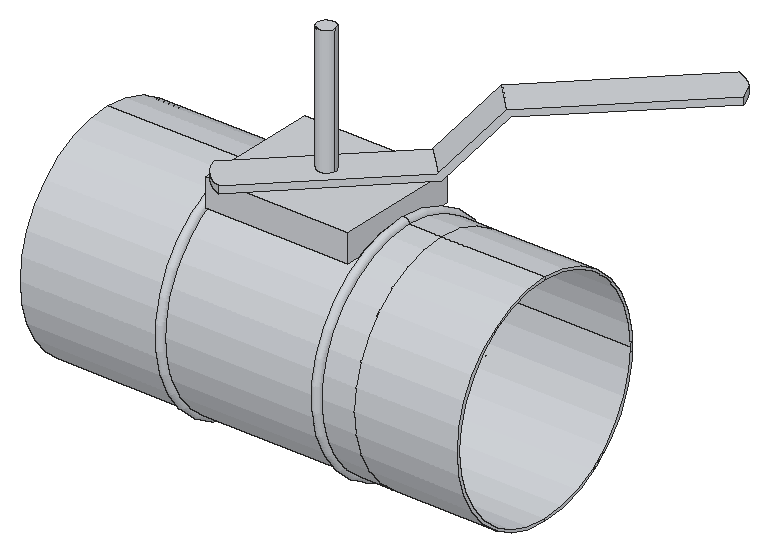
Revit family "6.Регулирующая заслонка для круглых каналов ZRK", category Оборудование, Revit 2016
Family settings
  Тип детали = Нормальный
  Размер круглого соединителя = Использовать диаметр
  На основе рабочей плоскости = Нет
  Всегда вертикально = Да
  При загрузке вырезать с полостями = Нет
  Общий = Нет
  Точка расчета площади = Нет
Parameters (values of type "100")
  отступ = 20 mm  # constant formula
  ножки(да/нет) [instance] = no
  Частотный преобразователь [instance] = no
  Тип, марка, обозначение = "ZRK 100"
  Силовой кабель/количество = ""
  Сила тока J, А = ""
  Регулятор расхода [instance] = no
  Раздел = "ОВ"
  Примечание = ""
  Позиция = ""
  Напряжение U,В = ""
  Наименование и тех.хар-ка = "Регулирующая заслонка для круглых каналов"  # constant formula
  Материал = Сталь серая
  Масса единицы = "0.5 кг"
  Д1 = Д * 0.98  # 98 mm
  Б = 168 mm
  А = 200 mm
  Код, оборудования = ""
  Ключевая пометка = "Вентиляция"
  Задание электрикам [instance] = no
  Задание автоматчикам [instance] = no
  Завод изготовитель = "KORF"  # constant formula
  Единица измерения = "шт."  # constant formula
  Д = 100 mm
Types (6, lengths in mm): name | Тип, марка, обозначение | Масса единицы | Д1 | Б | А | Д
  100 | "ZRK 100" | "0.5 кг" | 98 | 168 | 200 | 100
  160 | "ZRK 160" | "1 кг" | 156.8 | 228 | 200 | 160
  200 | "ZRK 200" | "1,2 кг" | 196 | 268 | 200 | 200
  250 | "ZRK 250" | "1,8 кг" | 245 | 328 | 260 | 250
  315 | "ZRK 315" | "2,4 кг" | 308.7 | 383 | 260 | 315
  125 | "ZRK 125" | "0,8 кг" | 122.5 | 193 | 200 | 125
Reference planes
  plane 1 "По центру (Вперед/Назад)": y = 0
  plane 2: z = 0
  plane 3 "По центру (Влево/Вправо)": x = 0
  plane 4: x = -100
  plane 5: x = 100
  plane 6: z = 50
  plane 7: z = -50
  plane 8: z = 84
  plane 9: z = 84
  plane 10: x = -0.75
  plane 11: x = 0.75
  plane 12: z = 60
  plane 13: z = 118
  plane 14: y = 50
  plane 15: y = -50
Forms (mm)
  Extrusion 1, void, not visible
    sketch origin (-345, -245, 50) x (0, -1, 0) y (0, 0, -1)
      loop
        line (-477.965, -475) -> (-477.965, -450) -> (-528.913, -450) -> (-528.913, -475) -> (-477.965, -475)
    from -47.452 to 12
  Extrusion 2, solid, not visible
    sketch origin (5, 0, 2.041) x (0, 1, 0) y (0, 0, 1)
      loop
        line (45, 112.959) -> (-45, 112.959) -> (-45, 82.959) -> (45, 82.959) -> (45, 112.959)
    from 0 to -69.911
  Extrusion 3, solid, not visible
    sketch origin (5, -2.888, -8.59) x (0, 0.352122, 0.935954) y (0, -0.935954, 0.352122)
      loop
        line (45, 114.532) -> (-19.8, 114.532) -> (-19.8, 90.2) -> (45, 90.2) -> (45, 114.532)
    from 0 to -69.911
  Sweep 4, solid, not visible
    path origin (5, 0, -1.25) x (0, 1, 0) y (0, 0, 1)
      loop
        line (-45, 97.266) -> (-60.734, 97.266)
        arc (-60.734, 97.266) -> (-72.348, 93.548) -> (-79.645, 83.777) r 20
        line (-79.645, 83.777) -> (-105.929, 7.442)
    profile origin (5, -52.867, 96.016) x (0, 0, -1) y (1, 0, 0)
      loop
        circle (0, -63.75) r 3
  Extrusion 5, solid, not visible
    sketch origin (0, 0, 47.041) x (0, 1, 0) y (0, 0, 1)
      loop
        line (45, 112.959) -> (-45, 112.959) -> (-45, 82.959) -> (45, 82.959) -> (45, 112.959)
    from 0 to -93.323
  Extrusion 6, solid, not visible
    sketch origin (0, -40.257, 23.842) x (0, 0.679881, 0.733322) y (0, -0.733322, 0.679881)
      loop
        line (45, 114.532) -> (-19.8, 114.532) -> (-19.8, 90.2) -> (45, 90.2) -> (45, 114.532)
    from 0 to -93.323
  Sweep 7, solid, not visible
    path origin (0, 0, 43.75) x (0, 1, 0) y (0, 0, 1)
      loop
        line (-45, 97.266) -> (-54.952, 97.266)
        arc (-54.952, 97.266) -> (-71.221, 93.808) -> (-84.677, 84.031) r 40
        line (-84.677, 84.031) -> (-132.472, 30.95)
    profile origin (0, -49.976, 141.016) x (0, 0, -1) y (1, 0, 0)
      loop
        circle (0, -63.75) r 3
  Revolve 8, solid, detail levels fine
    sketch origin (0, 0, 0) x (1, 0, 0) y (0, 0, 1)
      loop
        line (-100, 50) -> (-100, 0) -> (100, 0) -> (100, 50) -> (52.576, 50) -> (37.826, 50)
        arc (37.826, 50) -> (35.826, 52) -> (33.826, 50) r 2
        line (33.826, 50) -> (-33.826, 50)
        arc (-33.826, 50) -> (-35.826, 52) -> (-37.826, 50) r 2
        line (-37.826, 50) -> (-100, 50)
      axis (-100, 0) -> (100, 0)
    angle from 0 to 360
  Extrusion 9, void
    sketch origin (0, 0, 0) x (0, 1, 0) y (0, 0, 1)
      loop
        circle (0, 0) r 49
    from 0.75 to 100
  Extrusion 10, void
    sketch origin (0, 0, 0) x (0, 1, 0) y (0, 0, -1)
      loop
        circle (0, 0) r 49
    from 0.75 to 100
  Extrusion 11, solid, detail levels fine
    sketch origin (0, 0, 0) x (1, 0, 0) y (0, 1, 0)
      loop
        circle (0, 0) r 4
    from 50 to 118
Cuts and joins
  Extrusion 9, Extrusion 10 cuts Revolve 8
Lines and regions (mm)
  model lines, detail levels coarse
    curve 1: line (-100, 50, 0) -> (100, 50, 0)
    curve 2: line (-100, -50, 0) -> (-100, 50, 0)
    curve 3: line (100, -50, 0) -> (-100, -50, 0)
    curve 4: line (100, 50, 0) -> (100, -50, 0)
    curve 5: circle (0, 0, 0) r 25 normal (0, 0, 1)
    curve 6: line (40.287, 40.287, 0) -> (-41.031, -41.031, 0)
  model lines, not visible, detail levels coarse
    curve 7: circle (0, 0, 0) r 25 normal (0, 0, 1)
    curve 8: line (40.287, 40.287, 0) -> (-41.031, -41.031, 0)
  model lines, detail levels medium
    curve 9: line (-100, 0, -50) -> (100, 0, -50)
    curve 10: line (-100, 0, 50) -> (-100, 0, -50)
    curve 11: line (100, 0, 50) -> (-100, 0, 50)
    curve 12: line (100, 0, -50) -> (100, 0, 50)
    curve 13: circle (0, 0, 0) r 35 normal (0, -1, 0)
    curve 14: line (42.937, 0, 40.04) -> (-42.937, 0, -40.04)
Dimensions and locks
  locked: Extrusion 3 sketch curve to Extrusion 3 sketch curve at 24.332
  locked: Extrusion 3 sketch curve to Extrusion 3 sketch curve at 64.8
  locked: Extrusion 2 sketch curve to Extrusion 2 sketch curve at 30
  locked: Extrusion 6 sketch curve to Extrusion 6 sketch curve at 24.332
  locked: Extrusion 6 sketch curve to Extrusion 6 sketch curve at 64.8
  locked: Extrusion 5 sketch curve to Extrusion 5 sketch curve at 30
  equal spacing: plane 6, level, plane 7
  "Д": plane 6 to plane 7
  equal spacing: plane 5, plane 3 "По центру (Влево/Вправо)", plane 4
  "А": plane 5 to plane 4
  equal spacing: plane 10, plane 3 "По центру (Влево/Вправо)", plane 11
  locked: plane 12 to plane 6 at 10
  "Б": plane 13 to plane 7
  equal spacing: plane 15, plane 1 "По центру (Вперед/Назад)", plane 14
  "Д": plane 15 to plane 14
  "Д1": diameter of Extrusion 9 sketch curve
  "Д1": diameter of Extrusion 10 sketch curve
  aligned and locked: level to plane 2
  aligned and locked: plane 4 to Revolve 8 sketch curve
  aligned and locked: plane 6 to Revolve 8 sketch curve
  aligned and locked: Revolve 8 sketch curve to plane 5
  aligned and locked: plane 5 to Extrusion 9
  aligned and locked: Extrusion 10 to plane 4
  aligned and locked: cut or joined group of Revolve 8, Extrusion 9, Extrusion 10 to plane 11
  aligned and locked: plane 10 to cut or joined group of Revolve 8, Extrusion 9, Extrusion 10
  aligned and locked: plane 3 "По центру (Влево/Вправо)" to nested 2
  aligned and locked: plane 1 "По центру (Вперед/Назад)" to nested 2
  aligned and locked: plane 12 to nested 2
  aligned and locked: plane 6 to Extrusion 11
  aligned and locked: plane 13 to Extrusion 11
  aligned and locked: plane 14 to curve 1
  aligned and locked: curve 2 to cut or joined group of Revolve 8, Extrusion 9, Extrusion 10
  aligned and locked: curve 3 to plane 15
  aligned and locked: curve 4 to cut or joined group of Revolve 8, Extrusion 9, Extrusion 10
  aligned and locked: plane 7 to curve 9
  aligned and locked: curve 10 to cut or joined group of Revolve 8, Extrusion 9, Extrusion 10
  aligned and locked: curve 11 to plane 6
  aligned and locked: curve 12 to cut or joined group of Revolve 8, Extrusion 9, Extrusion 10
Automatic sketch dimensions
  Extrusion 5 sketch curve to Extrusion 5 sketch curve = 90 mm
  Sweep 7 sketch curve to Sweep 7 sketch curve = 29.726 mm
  Sweep 7 sketch curve to Sweep 7 sketch curve = 26.765 mm
  Sweep 7 sketch curve to Sweep 7 sketch curve = 47.795 mm
  Sweep 7 sketch curve to Sweep 7 sketch curve = 9.952 mm
  Sweep 7 sketch curve to Sweep 7 sketch curve = 53.081 mm
  Extrusion 2 sketch curve to Extrusion 2 sketch curve = 90 mm
  Sweep 4 sketch curve to Sweep 4 sketch curve = 18.91 mm
  Sweep 4 sketch curve to Sweep 4 sketch curve = 6.511 mm
  Sweep 4 sketch curve to Sweep 4 sketch curve = 26.284 mm
  Sweep 4 sketch curve to Sweep 4 sketch curve = 15.734 mm
  Sweep 4 sketch curve to Sweep 4 sketch curve = 76.336 mm
  Revolve 8 sketch curve to level = 0 mm  (x2)
  Revolve 8 sketch curve to plane 10 = 37.076 mm
  Revolve 8 sketch curve to Revolve 8 sketch curve = 2 mm  (x2)
  plane 11 to Revolve 8 sketch curve = 35.076 mm
  Revolve 8 sketch curve to Revolve 8 sketch curve = 16.75 mm
  plane 11 to Revolve 8 sketch curve = 19.25 mm
  Revolve 8 sketch curve to Revolve 8 sketch curve = 65 mm
  plane 1 "По центру (Вперед/Назад)" to Extrusion 11 sketch curve = 0 mm
  Extrusion 11 sketch curve to plane 3 "По центру (Влево/Вправо)" = 0 mm
  curve 13 to level = 0 mm
  curve 13 to plane 3 "По центру (Влево/Вправо)" = 0 mm
  curve 14 to plane 7 = 9.96 mm
  curve 14 to plane 10 = 42.187 mm
  plane 6 to curve 14 = 9.96 mm
  plane 11 to curve 14 = 42.187 mm
  Extrusion 9 sketch curve to level = 0 mm
  Extrusion 9 sketch curve to plane 1 "По центру (Вперед/Назад)" = 0 mm
  Extrusion 10 sketch curve to level = 0 mm
  Extrusion 10 sketch curve to plane 1 "По центру (Вперед/Назад)" = 0 mm
  radius of Sweep 7 sketch curve = 3 mm
  radius of Sweep 4 sketch curve = 3 mm
  radius of Extrusion 11 sketch curve = 4 mm
  radius of curve 13 = 35 mm
Nested families
  nested 1: "крепление 15мм" at (-330, 229.965, 495), type "крепление 15мм", not visible
  nested 2: "ручка" at (0, 0, 44.5), type "100", detail levels fine
    with ножки(да/нет) no, Частотный преобразователь no, Регулятор расхода no, Задание электрикам no, Задание автоматчикам no
Connectors
  hvac at (-100, 0, 0), driven by "Д"
    settings: on Revolve 8, index 1, duct flow 0.0 L/s, flow factor 0, pres drop 0.0 Pa, loss coef 0, conn angle 0.00°, conn width 304.8 mm, conn height 304.8 mm, conn diameter 100 mm, duct sys type 28, conn prof type 0, flow config 0, flow direction 0, loss method 0, conn ref index 2, conn util no, is conn primary yes, conn desc ""
  hvac at (100, 0, 0), driven by "Д"
    settings: on Revolve 8, index 2, duct flow 0.0 L/s, flow factor 0, pres drop 0.0 Pa, loss coef 0, conn angle 0.00°, conn width 304.8 mm, conn height 304.8 mm, conn diameter 100 mm, duct sys type 28, conn prof type 0, flow config 0, flow direction 0, loss method 0, conn ref index 1, conn util no, is conn primary no, conn desc ""
Definition of nested family "крепление 15мм"
  Parameters (values of type "крепление 15мм")
    Материал крепления = none
  Reference planes
    plane 1 "По центру (Вперед/Назад)": y = 0
    plane 2: z = 0
    plane 3 "По центру (Влево/Вправо)": x = 0
  Forms (mm)
    Extrusion 1, solid, material <- "Материал крепления"
      sketch origin (0, 0, 0) x (1, 0, 0) y (0, 1, 0)
        loop
          line (-25, 0) -> (0, 0) -> (0, 18.31) -> (0, 25) -> (-3, 25) -> (-3, 3) -> (-25, 3) -> (-25, 0)
      from 0 to 30
    Extrusion 2, void
      sketch origin (0, 0, 0) x (1, 0, 0) y (0, 1, 0)
        loop
          line (-3, 3) -> (-3, 54.96) -> (-58, 54.96) -> (-58, 3) -> (-3, 3)
      from 0 to 15
  Cuts and joins
    Extrusion 2 cuts Extrusion 1
  Dimensions and locks
    Extrusion 1 sketch curve to Extrusion 1 sketch curve = 3 mm  (x2)
    Extrusion 1 sketch curve to Extrusion 1 sketch curve to plane 3 "По центру (Влево/Вправо)" = 25 mm, 0 mm
    Extrusion 1 sketch curve to Extrusion 1 sketch curve = 25 mm
    aligned and locked: level to plane 2
Definition of nested family "ручка"
  Parameters (values of type "100")
    отступ = 60 mm
    ножки(да/нет) [instance] = no
    Частотный преобразователь [instance] = no
    Тип, марка, обозначение = "KCH 100"
    Силовой кабель/количество = ""
    Сила тока J, А = ""
    Регулятор расхода [instance] = no
    Раздел = "ОВ"
    Примечание = ""
    Позиция = ""
    Напряжение U,В = ""
    Наименование и тех.хар-ка = "Регулирующая заслонка для круглых каналов"  # constant formula
    Материал = none
    Масса единицы = "0.5 кг"
    Д1 = Д * 0.98  # 24.5 mm
    Б = 138 mm
    А = 65 mm
    Код, оборудования = ""
    Keynote = "Вентиляция"
    Задание электрикам [instance] = no
    Задание автоматчикам [instance] = no
    Завод изготовитель = "NED"  # constant formula
    Единица измерения = "шт."  # constant formula
    Д = 25 mm
  Reference planes
    plane 1 "По центру (Вперед/Назад)": y = 0
    plane 2: z = 0
    plane 3 "По центру (Влево/Вправо)": x = 0
    plane 4: x = -32.5
    plane 5: x = 32.5
    plane 6: z = 12.5
    plane 7: z = -12.5
    plane 8: z = 125.5
    plane 9: y = -150
    plane 10: y = 28.466
    plane 11: y = -28.466
    plane 12: x = 150
  Forms (mm)
    Extrusion 1, void, not visible
      sketch origin (-345, -245, 50) x (0, -1, 0) y (0, 0, -1)
        loop
          line (-477.965, -475) -> (-477.965, -450) -> (-528.913, -450) -> (-528.913, -475) -> (-477.965, -475)
      from -47.452 to 12
    Extrusion 2, solid, not visible
      sketch origin (5, 0, 2.041) x (0, 1, 0) y (0, 0, 1)
        loop
          line (45, 112.959) -> (-45, 112.959) -> (-45, 82.959) -> (45, 82.959) -> (45, 112.959)
      from 0 to -69.911
    Extrusion 3, solid, not visible
      sketch origin (5, -2.888, -8.59) x (0, 0.352122, 0.935954) y (0, -0.935954, 0.352122)
        loop
          line (45, 114.532) -> (-19.8, 114.532) -> (-19.8, 90.2) -> (45, 90.2) -> (45, 114.532)
      from 0 to -69.911
    Sweep 4, solid, not visible
      path origin (5, 0, -1.25) x (0, 1, 0) y (0, 0, 1)
        loop
          line (-45, 97.266) -> (-60.734, 97.266)
          arc (-60.734, 97.266) -> (-72.348, 93.548) -> (-79.645, 83.777) r 20
          line (-79.645, 83.777) -> (-105.929, 7.442)
      profile origin (5, -52.867, 96.016) x (0, 0, -1) y (1, 0, 0)
        loop
          circle (0, -63.75) r 3
    Extrusion 5, solid, not visible
      sketch origin (0, 0, 47.041) x (0, 1, 0) y (0, 0, 1)
        loop
          line (45, 112.959) -> (-45, 112.959) -> (-45, 82.959) -> (45, 82.959) -> (45, 112.959)
      from 0 to -93.323
    Extrusion 6, solid, not visible
      sketch origin (0, -40.257, 23.842) x (0, 0.679881, 0.733322) y (0, -0.733322, 0.679881)
        loop
          line (45, 114.532) -> (-19.8, 114.532) -> (-19.8, 90.2) -> (45, 90.2) -> (45, 114.532)
      from 0 to -93.323
    Sweep 7, solid, not visible
      path origin (0, 0, 43.75) x (0, 1, 0) y (0, 0, 1)
        loop
          line (-45, 97.266) -> (-54.952, 97.266)
          arc (-54.952, 97.266) -> (-71.221, 93.808) -> (-84.677, 84.031) r 40
          line (-84.677, 84.031) -> (-132.472, 30.95)
      profile origin (0, -49.976, 141.016) x (0, 0, -1) y (1, 0, 0)
        loop
          circle (0, -63.75) r 3
    Extrusion 8, solid
      sketch origin (0, 0, 0) x (1, 0, 0) y (0, 1, 0)
        loop
          line (-32.5, 28.466) -> (-32.5, -28.466) -> (32.5, -28.466) -> (32.5, 28.466) -> (-32.5, 28.466)
      from 0 to 12.5
    Extrusion 9, solid
      sketch origin (2.864, -0.318, 0) x (0.707107, 0.707107, 0) y (0, 0, 1)
        loop
          line (-43.75, 12.5) -> (38.75, 12.5) -> (63.499, 37.249) -> (150, 37.249) -> (150, 40.249) -> (62.124, 40.249) -> (37.375, 15.5) -> (-43.75, 15.5) -> (-43.75, 12.5)
      from 7.255 to -11.299
    Extrusion 10, void
      sketch origin (0, 0, 0) x (1, 0, 0) y (0, 1, 0)
        loop
          arc (92.012, 112.889) -> (108.384, 105.85) -> (112.09, 88.418) r 19.385
          line (112.09, 88.418) -> (130.409, 98.158) -> (103.017, 125.549) -> (92.012, 112.889)
      from 0 to 100
    Extrusion 11, void
      sketch origin (85.877, 68.719, 0) x (-0.087156, -0.996195, 0) y (0.996195, -0.087156, 0)
        loop
          line (92.012, -112.889) -> (103.017, -125.549) -> (130.409, -98.158) -> (112.09, -88.418)
          arc (112.09, -88.418) -> (108.384, -105.85) -> (92.012, -112.889) r 19.385
      from 0 to 100
  Cuts and joins
    Extrusion 10, Extrusion 11 cuts Extrusion 9
  Dimensions and locks
    locked: Extrusion 3 sketch curve to Extrusion 3 sketch curve at 24.332
    locked: Extrusion 3 sketch curve to Extrusion 3 sketch curve at 64.8
    locked: Extrusion 2 sketch curve to Extrusion 2 sketch curve at 30
    locked: Extrusion 6 sketch curve to Extrusion 6 sketch curve at 24.332
    locked: Extrusion 6 sketch curve to Extrusion 6 sketch curve at 64.8
    locked: Extrusion 5 sketch curve to Extrusion 5 sketch curve at 30
    equal spacing: plane 6, level, plane 7
    "Д": plane 6 to plane 7
    equal spacing: plane 5, plane 3 "По центру (Влево/Вправо)", plane 4
    "А": plane 5 to plane 4
    plane 1 "По центру (Вперед/Назад)" to plane 9 = 150 mm
    equal spacing: plane 10, plane 1 "По центру (Вперед/Назад)", plane 11
    plane 10 to plane 11 = 56.933 mm
    equal spacing: plane 4, plane 3 "По центру (Влево/Вправо)", plane 5
    plane 4 to plane 5 = 65 mm
    plane 8 to level = 125.5 mm
    plane 3 "По центру (Влево/Вправо)" to plane 12 = 150 mm
    aligned and locked: level to plane 2
    aligned and locked: Extrusion 8 to plane 4
    aligned and locked: plane 5 to Extrusion 8
    aligned and locked: plane 10 to Extrusion 8
    aligned and locked: Extrusion 8 to plane 11
    aligned and locked: Extrusion 8 to plane 6
  Automatic sketch dimensions
    Extrusion 5 sketch curve to Extrusion 5 sketch curve = 90 mm
    Sweep 7 sketch curve to Sweep 7 sketch curve = 29.726 mm
    Sweep 7 sketch curve to Sweep 7 sketch curve = 26.765 mm
    Sweep 7 sketch curve to Sweep 7 sketch curve = 47.795 mm
    Sweep 7 sketch curve to Sweep 7 sketch curve = 9.952 mm
    Sweep 7 sketch curve to Sweep 7 sketch curve = 53.081 mm
    Extrusion 2 sketch curve to Extrusion 2 sketch curve = 90 mm
    Sweep 4 sketch curve to Sweep 4 sketch curve = 18.91 mm
    Sweep 4 sketch curve to Sweep 4 sketch curve = 6.511 mm
    Sweep 4 sketch curve to Sweep 4 sketch curve = 26.284 mm
    Sweep 4 sketch curve to Sweep 4 sketch curve = 15.734 mm
    Sweep 4 sketch curve to Sweep 4 sketch curve = 76.336 mm
    Extrusion 8 sketch curve to plane 4 = 0 mm
    Extrusion 8 sketch curve to plane 5 = 0 mm
    Extrusion 8 sketch curve to plane 11 = 0 mm
    Extrusion 8 sketch curve to plane 10 = 0 mm
    plane 6 to Extrusion 9 sketch curve = 0 mm
    Extrusion 9 sketch curve to plane 6 = 3 mm
    Extrusion 9 sketch curve to Extrusion 9 sketch curve = 81.125 mm
    Extrusion 9 sketch curve to Extrusion 9 sketch curve = 1.375 mm  (x2)
    Extrusion 9 sketch curve to Extrusion 9 sketch curve = 24.749 mm
    Extrusion 9 sketch curve to plane 6 = 24.749 mm
    Extrusion 9 sketch curve to Extrusion 9 sketch curve = 86.501 mm
    Extrusion 9 sketch curve to Extrusion 9 sketch curve = 3 mm
    Extrusion 10 sketch curve to plane 12 = 57.988 mm
    Extrusion 10 sketch curve to Extrusion 10 sketch curve = 1.386 mm
    Extrusion 10 sketch curve to Extrusion 10 sketch curve = 11.006 mm
    Extrusion 10 sketch curve to Extrusion 10 sketch curve = 18.693 mm
    Extrusion 10 sketch curve to plane 12 = 19.591 mm
    plane 10 to Extrusion 10 sketch curve = 59.951 mm
    Extrusion 10 sketch curve to Extrusion 10 sketch curve = 5.136 mm
    Extrusion 10 sketch curve to Extrusion 10 sketch curve = 9.74 mm
    Extrusion 10 sketch curve to Extrusion 10 sketch curve = 12.661 mm
    plane 4 to Extrusion 11 sketch curve = 2.102 mm
    Extrusion 11 sketch curve to plane 1 "По центру (Вперед/Назад)" = 13.104 mm
    Extrusion 11 sketch curve to Extrusion 11 sketch curve = 1.386 mm
    Extrusion 11 sketch curve to Extrusion 11 sketch curve = 11.006 mm
    Extrusion 11 sketch curve to Extrusion 11 sketch curve = 18.693 mm
    Extrusion 11 sketch curve to Extrusion 11 sketch curve = 18.319 mm
    Extrusion 11 sketch curve to Extrusion 11 sketch curve = 14.731 mm
    Extrusion 11 sketch curve to Extrusion 11 sketch curve = 19.336 mm
    Extrusion 11 sketch curve to Extrusion 11 sketch curve = 12.661 mm
    radius of Sweep 7 sketch curve = 3 mm
    radius of Sweep 4 sketch curve = 3 mm
  Nested families
    nested 1: "крепление 15мм" at (-330, 229.965, 495), type "крепление 15мм", not visible
  Definition of nested family "крепление 15мм"
    Parameters (values of type "крепление 15мм")
      Материал крепления = none
    Reference planes
      plane 1 "По центру (Вперед/Назад)": y = 0
      plane 2: z = 0
      plane 3 "По центру (Влево/Вправо)": x = 0
    Forms (mm)
      Extrusion 1, solid, material <- "Материал крепления"
        sketch origin (0, 0, 0) x (1, 0, 0) y (0, 1, 0)
          loop
            line (-25, 0) -> (0, 0) -> (0, 18.31) -> (0, 25) -> (-3, 25) -> (-3, 3) -> (-25, 3) -> (-25, 0)
        from 0 to 30
      Extrusion 2, void
        sketch origin (0, 0, 0) x (1, 0, 0) y (0, 1, 0)
          loop
            line (-3, 3) -> (-3, 54.96) -> (-58, 54.96) -> (-58, 3) -> (-3, 3)
        from 0 to 15
    Cuts and joins
      Extrusion 2 cuts Extrusion 1
    Dimensions and locks
      Extrusion 1 sketch curve to Extrusion 1 sketch curve = 3 mm  (x2)
      Extrusion 1 sketch curve to Extrusion 1 sketch curve to plane 3 "По центру (Влево/Вправо)" = 25 mm, 0 mm
      Extrusion 1 sketch curve to Extrusion 1 sketch curve = 25 mm
      aligned and locked: level to plane 2
